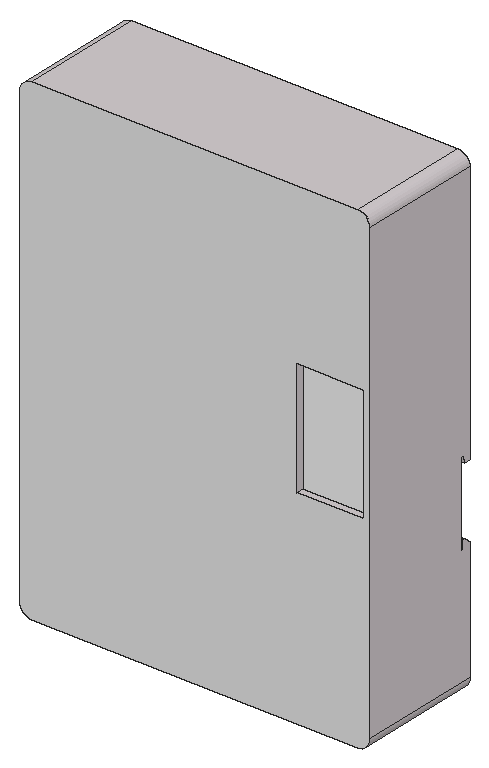
Revit family "Hitachi_airCloud-PRO-Gateway_LOD400", category Equipement de génie climatique, Revit 2018
Family settings
  Cote de connecteur circulaire = Utiliser le diamètre
  Classification = Aucun
  Type d'élément = Normal
  Basée sur le plan de construction = Non
  Toujours verticalement = Oui
  Couper avec des vides une fois chargée = Non
  Partagée = Non
  Point de calcul de pièce = Non
Parameters (values of type "HC-IOTGW")
  Uniformat code = "D306002"
  Uniformat = "Other Controls & Instrumentation"
  Reference = "HC-IOTGW"
  OmniClass description = "HVAC Main Control Panels"
  OmniClass code = "23-27 15 23 11"
  Nominal Voltage = 230 V
  Nominal Current = 0 A
  Minimum Operating Temperature = -10 °C
  Maximum Operating Temperature = 50 °C
  Masterformat Code = "23 09 33"
  MasterFormat = "Electric and Electronic Control System for HVAC"
  Mass = 0.65 kg
  Manufacturer Product Link = "-"
  LED = LED
  IP Protection = "0X"
  GTIN (Global Trade Item Number)  = ""
  Frequency = 50 Hz
  Face = Face
  Product Code = "60063203"
  Overall width = 146 mm
  Overall height = 201 mm
  Overall depth = 52 mm
  Modèle = "airCloud Pro HC-IOTGW"
  Fabricant = "Hitachi Air Conditioning Europe SAS"
  Communication Type = "HLINK and TCP/IP"
  Color = "White"
  Box = Box
  BC_VARIANT_ID = "582326"
  BC_OBJECT_VERSION = "#2"  # constant formula
  BC_OBJECT_ID = "219733"  # constant formula
  BC_MODEL_ID = ""  # constant formula
Reference planes
  plane 1 "Centre (avant/arrière)": y = 0
  plane 2: z = 0
  plane 3 "Centre (gauche/droite)": x = 0
Forms (mm)
  Extrusion 1, solid
    sketch origin (0, 0, 0) x (1, 0, 0) y (0, 0, 1)
      loop
        arc (-68, 201) -> (-71.536, 199.536) -> (-73, 196) r 5
        line (-73, 196) -> (-73, 5)
        arc (-73, 5) -> (-71.536, 1.464) -> (-68, 0) r 5
        line (-68, 0) -> (68, 0)
        arc (68, 0) -> (71.536, 1.464) -> (73, 5) r 5
        line (73, 5) -> (73, 196)
        arc (73, 196) -> (71.536, 199.536) -> (68, 201) r 5
        line (68, 201) -> (-68, 201)
    from 0 to 52
  Extrusion 2, void
    sketch origin (0, 0, -5.625) x (1, 0, 0) y (0, 0, 1)
      loop
        line (70.464, 140.324) -> (42.38, 140.324) -> (42.38, 91.941) -> (70.464, 91.941) -> (70.464, 140.324)
    from 48.783 to 82.86
  Extrusion 3, void
    sketch origin (0, 0, 0) x (0, 1, 0) y (0, 0, 1)
      loop
        line (1.506, 86.435) -> (-2.342, 86.435) -> (-3.147, 89.441) -> (-4.642, 89.441) -> (-4.642, 54.441) -> (-3.665, 54.441) -> (-3.665, 58.076) -> (-2.227, 58.076) -> (0, 55.85) -> (1.506, 55.85) -> (1.506, 86.435)
    from -81.705 to 94.055
Cuts and joins
  Extrusion 2, Extrusion 3 cuts Extrusion 1
Lines and regions (mm)
  model lines
    curve 1: line (-67.066, -51.731, 0) -> (-67.066, -52.531, 0)
Dimensions and locks
  aligned and locked: level to plane 2
Connectors
  electrical at (0, 0, 161.145)
    settings: on cut or joined group of Extrusion 1, Extrusion 2, Extrusion 3, index 1, voltage 0 V, apparent load 0 VA, apparent load phase1 0 VA, apparent load phase2 0 VA, apparent load phase3 0 VA, power factor 1, load classification "Autre", number of poles 1, system type 31, power factor state 1, is connector primary yes, connector utility no, sub classification motor no, connector description ""
